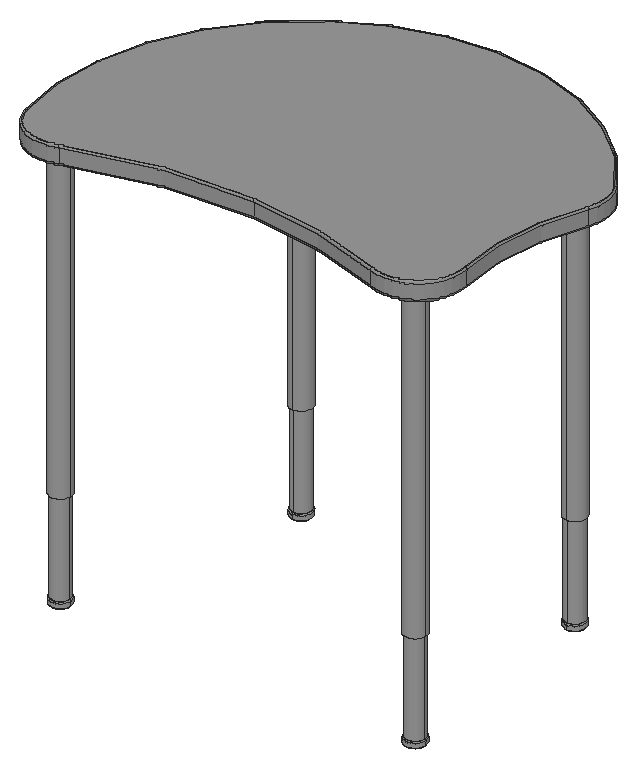
Revit family "Sail Student Desk", category Generic Models, Revit 2018
Family settings
  Can host rebar = No
  Round Connector Dimension = Use Diameter
  Part Type = Normal
  Work Plane-Based = No
  Always vertical = Yes
  Cut with Voids When Loaded = No
  Shared = No
  Room Calculation Point = No
Parameters
  Table Height = 2' - 5"
  Surface = Sail Student Desk Surface
  Leg Finish = Shapes Leg Platinum
  Edgeband = Sail Student Desk Edgeband
  Caster/Glider = Shapes Leg - Glide : Shapes Leg - Glide
Reference planes (in)
  plane 1 "Center (Front/Back)": y = 0
  plane 2: z = 0
  plane 3 "Center (Left/Right)": x = 0
  plane 4 "Table Height": z = 29
Dimensions and locks (in)
  "Table Height": plane 4 "Table Height" to level
  aligned and locked: plane 2 to level
  aligned and locked: nested 5 to plane 4 "Table Height"
Nested families (in)
  nested 1: "Shapes Leg - Glide" at (9.57748, 6.21875, 0) x (0, 1, 0) z (0, 0, 1), Leg Height <- "Table Height", type <- "Caster/Glider", Shapes Leg Finish <- "Leg Finish", type "Shapes Leg - Glide"
    with Shapes Leg Finish Shapes Leg Platinum, Leg Height 2' - 5"
  nested 2: "Shapes Leg - Glide" at (10.92378, -9.4731, 0), Leg Height <- "Table Height", Shapes Leg Finish <- "Leg Finish", type "Shapes Leg - Glide"
    with Shapes Leg Finish Shapes Leg Platinum, Leg Height 2' - 5"
  nested 3: "Shapes Leg - Glide" at (-14.00781, -9.44259, 0), Leg Height <- "Table Height", Shapes Leg Finish <- "Leg Finish", type "Shapes Leg - Glide"
    with Shapes Leg Finish Shapes Leg Platinum, Leg Height 2' - 5"
  nested 4: "Shapes Leg - Glide" at (-9.84818, 6.4878, 0) x (0, 1, 0) z (0, 0, 1), Leg Height <- "Table Height", type <- "Caster/Glider", Shapes Leg Finish <- "Leg Finish", type "Shapes Leg - Glide"
    with Shapes Leg Finish Shapes Leg Platinum, Leg Height 2' - 5"
  nested 5: "Sail Tabletop" at (0, 0, 2.21002), type "Sail Tabletop"
Definition of nested family "Shapes Leg - Glide"
  Parameters (values of type "Shapes Leg - Glider")
    Shapes Leg Finish [instance] = none
    Leg Height [instance] = 2' - 4 1/2"
  Reference planes (in)
    plane 1 "Center (Front/Back)": y = 0
    plane 2: z = 0
    plane 3 "Center (Left/Right)": x = 0
  Forms (in)
    Extrusion 1, solid
      sketch origin (-0.01562, 0, 0) x (1, 0, 0) y (0, 1, 0)
        loop
          circle (0.01563, 0) r 0.64906
      from 0.50586 to 20.17439
  Dimensions and locks (in)
    "Leg Height": nested 2 to level
    aligned and locked: plane 2 to level
  Automatic sketch dimensions
    plane 1 "Center (Front/Back)" to Extrusion 1 sketch curve = 0' - 0"
    Extrusion 1 sketch curve to plane 3 "Center (Left/Right)" = 0' - 0"
    radius of Extrusion 1 sketch curve = 0' - 0.64906"
  Nested families (in)
    nested 1: "Glider" at (0, 0, 0), type "Glider"
    nested 2: "Shapes Upper Leg" at (0, 0, 0), Shapes Leg Finish <- "Shapes Leg Finish", type "Shapes Upper Leg"
      with Shapes Leg Finish none
  Definition of nested family "Glider"
    Reference planes (in)
      plane 1 "Center (Front/Back)": y = 0
      plane 2: z = 0
      plane 3 "Center (Left/Right)": x = 0
    Forms (in)
      Revolve 1, solid
        sketch origin (0, 0, 0) x (1, 0, 0) y (0, 0, 1)
          loop
            line (0.26614, 0.50586) -> (0, 0.50586) -> (0, 0.09994) -> (0.71656, 0.09994) -> (0.71656, 0.37634)
            arc (0.71656, 0.37634) -> (0.70181, 0.41548) -> (0.66511, 0.43552) r 0.06011
            arc (0.66511, 0.43552) -> (0.46609, 0.45951) -> (0.26614, 0.47365) r 4.06535
            line (0.26614, 0.47365) -> (0.26614, 0.50586)
          axis (0, 0.50586) -> (0, 0.09994)
        angle from 0 to 360
      Revolve 2, solid
        sketch origin (0, 0, 0) x (1, 0, 0) y (0, 0, 1)
          loop
            line (0.65534, 0.1212) -> (0, 0.1212) -> (0, 0) -> (0.57593, 0)
            arc (0.57593, 0) -> (0.63208, 0.02326) -> (0.65534, 0.07941) r 0.07941
            line (0.65534, 0.07941) -> (0.65534, 0.1212)
          axis (0, 0.1212) -> (0, 0)
        angle from 0 to 360
    Dimensions and locks (in)
      aligned and locked: plane 2 to level
  Definition of nested family "Shapes Upper Leg"
    Parameters (values of type "Shapes Upper Leg")
      Shapes Leg Finish [instance] = none
    Reference planes (in)
      plane 1 "Center (Front/Back)": y = 0
      plane 2: z = 0
      plane 3 "Center (Left/Right)": x = 0
    Forms (in)
      Extrusion 1, solid, material <- "Shapes Leg Finish"
        sketch origin (0, 0, 0) x (1, 0, 0) y (0, 1, 0)
          loop
            circle (0, 0) r 0.75
        from 6.5 to 28.5
    Dimensions and locks (in)
      aligned and locked: plane 2 to level
Definition of nested family "Sail Tabletop"
  Parameters (values of type "Sail Tabletop")
    Surface = none
    Edgeband = none
  Reference planes (in)
    plane 1 "Center (Front/Back)": y = 0
    plane 2: z = 0
    plane 3 "Center (Left/Right)": x = 0
  Forms (in)
    Extrusion 1, solid, material <- "Surface"
      sketch origin (-2.11598, 6.87, 0) x (1, 0, 0) y (0, 1, 0)
        loop
          arc (16.29679, -2.95523) -> (-4.66789, 3.3463) -> (-14.22095, -16.35055) r 16.87857
          arc (-14.22095, -16.35055) -> (-12.73925, -18.19375) -> (-10.37732, -18.3126) r 2.88882
          arc (-10.37732, -18.3126) -> (-4.41048, -16.66524) -> (1.76642, -16.26157) r 30.37867
          arc (1.76642, -16.26157) -> (6.78411, -16.86997) -> (11.62983, -18.30748) r 30.17111
          arc (11.62983, -18.30748) -> (14.50724, -17.85169) -> (15.5199, -15.12007) r 2.88463
          arc (15.5199, -15.12007) -> (15.35803, -10.29618) -> (16.54292, -5.61728) r 17.19841
          arc (16.54292, -5.61728) -> (16.74629, -4.25608) -> (16.29679, -2.95523) r 2.88908
      from 26.78998 to 28.03998
    Sweep 2, solid, material <- "Edgeband"
      path origin (-2.11598, 6.87, 0) x (1, 0, 0) y (0, 1, 0)
        loop
          arc (15.5199, -15.12007) -> (15.35803, -10.29618) -> (16.54292, -5.61728) r 17.19841
          arc (16.54292, -5.61728) -> (16.74629, -4.25608) -> (16.29679, -2.95523) r 2.88908
          arc (16.29679, -2.95523) -> (-4.66789, 3.3463) -> (-14.22095, -16.35055) r 16.87857
          arc (-14.22095, -16.35055) -> (-12.73925, -18.19375) -> (-10.37732, -18.3126) r 2.88882
          arc (-10.37732, -18.3126) -> (-4.41048, -16.66524) -> (1.76642, -16.26157) r 30.37867
          arc (1.76642, -16.26157) -> (6.78411, -16.86997) -> (11.62983, -18.30748) r 30.17111
          arc (11.62983, -18.30748) -> (14.50724, -17.85169) -> (15.5199, -15.12007) r 2.88463
      profile origin (13.24205, -3.42619, 0) x (-0.994255, 0.107036, 0) y (0, 0, 1)
        loop
          arc (0, 28.03998) -> (-0.09391, 28.00108) -> (-0.13281, 27.90716) r 0.13281
          line (-0.13281, 27.90716) -> (-0.13281, 26.92279)
          arc (-0.13281, 26.92279) -> (-0.09391, 26.82888) -> (0, 26.78998) r 0.13281
          line (0, 26.78998) -> (0, 28.03998)
  Dimensions and locks (in)
    aligned and locked: plane 2 to level
